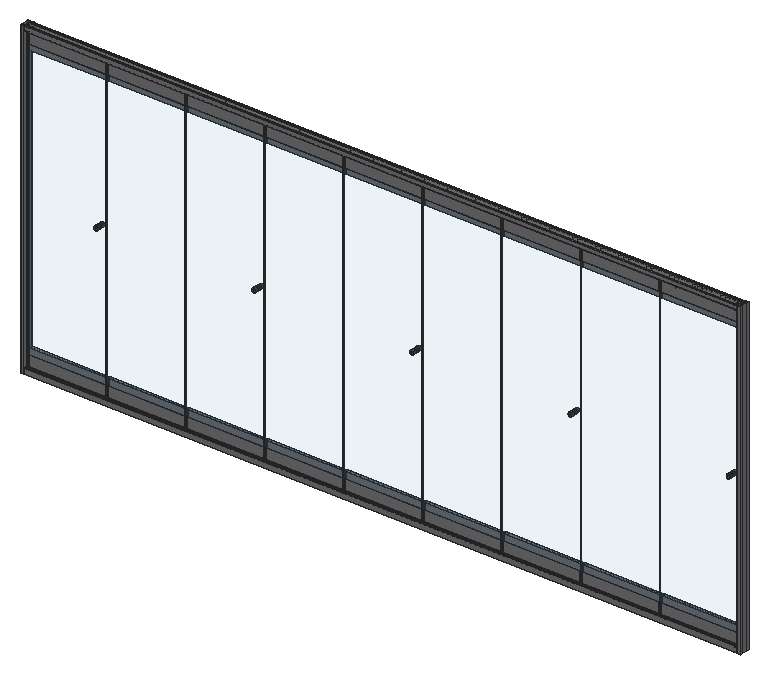
Revit family "QFL9 LH 2380", category Doors, host Wall, Revit 2024 (continued)
Automatic sketch dimensions
  Extrusion 3 sketch curve to Extrusion 3 sketch curve = 3.1 mm  (x2)
  Extrusion 3 sketch curve to Extrusion 3 sketch curve = 0.514 mm
  Extrusion 3 sketch curve to Extrusion 3 sketch curve = 6.21 mm
  Extrusion 3 sketch curve to Extrusion 3 sketch curve = 0.05 mm
  Extrusion 3 sketch curve to Extrusion 3 sketch curve = 0.554 mm
  level to Extrusion 3 sketch curve = 31 mm  (x2)
  Extrusion 3 sketch curve to Extrusion 3 sketch curve = 2 mm  (x6)
  Extrusion 3 sketch curve to Extrusion 3 sketch curve = 1.6 mm  (x4)
  Extrusion 3 sketch curve to Extrusion 3 sketch curve = 12.367 mm  (x2)
  Extrusion 3 sketch curve to Extrusion 3 sketch curve = 12.517 mm  (x2)
  Extrusion 3 sketch curve to Extrusion 3 sketch curve = 1.048 mm  (x2)
  Extrusion 3 sketch curve to Extrusion 3 sketch curve = 0.963 mm  (x2)
  Extrusion 3 sketch curve to Extrusion 3 sketch curve = 2.92 mm  (x2)
  Extrusion 3 sketch curve to Extrusion 3 sketch curve = 66.2 mm
  Extrusion 3 sketch curve to Extrusion 3 sketch curve = 33.962 mm
  Extrusion 3 sketch curve to Extrusion 3 sketch curve = 1.038 mm  (x2)
  Extrusion 3 sketch curve to Extrusion 3 sketch curve = 9.238 mm
  plane 5 to Extrusion 3 sketch curve = 174 mm
  Extrusion 3 sketch curve to Extrusion 3 sketch curve = 8.2 mm
  Extrusion 3 sketch curve to Extrusion 3 sketch curve = 43.2 mm
  plane 5 to Extrusion 3 sketch curve = 60.8 mm
  Extrusion 3 sketch curve to Extrusion 3 sketch curve = 2.985 mm
  Extrusion 4 sketch curve to host wall = 33.496 mm  (x2)
  Extrusion 4 sketch curve to Extrusion 4 sketch curve = 4.9 mm  (x3)
  Extrusion 4 sketch curve to Extrusion 4 sketch curve = 10 mm  (x4)
  host wall to Extrusion 4 sketch curve = 2.504 mm  (x2)
  host wall to Extrusion 4 sketch curve = 5.604 mm  (x2)
  Extrusion 4 sketch curve to Extrusion 4 sketch curve = 8 mm
  plane 5 to Extrusion 4 sketch curve = 39 mm
  Extrusion 4 sketch curve to Extrusion 4 sketch curve = 0 mm
  Extrusion 4 sketch curve to Extrusion 4 sketch curve = 20 mm  (x3)
  Extrusion 4 sketch curve to Extrusion 4 sketch curve = 70 mm
  Extrusion 4 sketch curve to Extrusion 4 sketch curve = 35 mm
  level to Extrusion 4 sketch curve = 166 mm
  Extrusion 4 sketch curve to Extrusion 4 sketch curve = 45 mm
  level to Extrusion 4 sketch curve = 51 mm
  Extrusion 5 sketch curve to host wall = 33.496 mm  (x2)
  Extrusion 5 sketch curve to Extrusion 5 sketch curve = 4.9 mm  (x3)
  Extrusion 5 sketch curve to Extrusion 5 sketch curve = 10 mm  (x4)
  host wall to Extrusion 5 sketch curve = 2.504 mm  (x2)
  host wall to Extrusion 5 sketch curve = 5.604 mm  (x2)
  Extrusion 5 sketch curve to Extrusion 5 sketch curve = 8 mm
  level to Extrusion 5 sketch curve = 31 mm  (x2)
  Extrusion 5 sketch curve to Extrusion 5 sketch curve = 20 mm  (x3)
  Extrusion 5 sketch curve to Extrusion 5 sketch curve = 70 mm
  Extrusion 5 sketch curve to Extrusion 5 sketch curve = 35 mm
  plane 5 to Extrusion 5 sketch curve = 174 mm
  Extrusion 5 sketch curve to Extrusion 5 sketch curve = 45 mm
  plane 5 to Extrusion 5 sketch curve = 59 mm
  Extrusion 6 sketch curve to host wall = 33.496 mm  (x2)
  Extrusion 6 sketch curve to Extrusion 6 sketch curve = 1.79 mm  (x4)
  Extrusion 6 sketch curve to Extrusion 6 sketch curve = 0 mm
  Extrusion 6 sketch curve to Extrusion 6 sketch curve = 0.01 mm
  Extrusion 6 sketch curve to Extrusion 6 sketch curve = 1.8 mm  (x6)
  Extrusion 6 sketch curve to Extrusion 6 sketch curve = 0.51 mm  (x2)
  Extrusion 6 sketch curve to Extrusion 6 sketch curve = 3.11 mm  (x2)
  Extrusion 6 sketch curve to Extrusion 6 sketch curve = 8.21 mm  (x2)
  Extrusion 6 sketch curve to Extrusion 6 sketch curve = 1.028 mm  (x2)
  host wall to Extrusion 6 sketch curve = 0.504 mm  (x2)
  host wall to Extrusion 6 sketch curve = 2.504 mm  (x2)
  host wall to Extrusion 6 sketch curve = 5.604 mm  (x2)
  host wall to Extrusion 6 sketch curve = 8.2 mm  (x2)
  Extrusion 6 sketch curve to Extrusion 6 sketch curve = 3.1 mm  (x2)
  Extrusion 6 sketch curve to Extrusion 6 sketch curve = 0.514 mm
  Extrusion 6 sketch curve to Extrusion 6 sketch curve = 6.21 mm
  Extrusion 6 sketch curve to Extrusion 6 sketch curve = 0.05 mm
  Extrusion 6 sketch curve to Extrusion 6 sketch curve = 0.554 mm
  level to Extrusion 6 sketch curve = 31 mm  (x2)
  Extrusion 6 sketch curve to Extrusion 6 sketch curve = 2 mm  (x6)
  Extrusion 6 sketch curve to Extrusion 6 sketch curve = 1.6 mm  (x4)
  Extrusion 6 sketch curve to Extrusion 6 sketch curve = 12.367 mm  (x2)
  Extrusion 6 sketch curve to Extrusion 6 sketch curve = 12.517 mm  (x2)
  Extrusion 6 sketch curve to Extrusion 6 sketch curve = 1.048 mm  (x2)
  Extrusion 6 sketch curve to Extrusion 6 sketch curve = 0.963 mm  (x2)
  Extrusion 6 sketch curve to Extrusion 6 sketch curve = 2.92 mm  (x2)
  Extrusion 6 sketch curve to Extrusion 6 sketch curve = 66.2 mm
  Extrusion 6 sketch curve to Extrusion 6 sketch curve = 33.962 mm
  Extrusion 6 sketch curve to Extrusion 6 sketch curve = 1.038 mm  (x2)
  Extrusion 6 sketch curve to Extrusion 6 sketch curve = 9.238 mm
  plane 5 to Extrusion 6 sketch curve = 174 mm
  Extrusion 6 sketch curve to Extrusion 6 sketch curve = 8.2 mm
  Extrusion 6 sketch curve to Extrusion 6 sketch curve = 43.2 mm
  plane 5 to Extrusion 6 sketch curve = 60.8 mm
  Extrusion 6 sketch curve to Extrusion 6 sketch curve = 2.985 mm
  Extrusion 7 sketch curve to host wall = 33.496 mm  (x2)
  Extrusion 7 sketch curve to Extrusion 7 sketch curve = 4.9 mm  (x3)
  Extrusion 7 sketch curve to Extrusion 7 sketch curve = 10 mm  (x4)
  host wall to Extrusion 7 sketch curve = 2.504 mm  (x2)
  host wall to Extrusion 7 sketch curve = 5.604 mm  (x2)
  Extrusion 7 sketch curve to Extrusion 7 sketch curve = 8 mm
  plane 5 to Extrusion 7 sketch curve = 39 mm
  Extrusion 7 sketch curve to Extrusion 7 sketch curve = 0 mm
  Extrusion 7 sketch curve to Extrusion 7 sketch curve = 20 mm  (x3)
  Extrusion 7 sketch curve to Extrusion 7 sketch curve = 70 mm
  Extrusion 7 sketch curve to Extrusion 7 sketch curve = 35 mm
  level to Extrusion 7 sketch curve = 166 mm
  Extrusion 7 sketch curve to Extrusion 7 sketch curve = 45 mm
  level to Extrusion 7 sketch curve = 51 mm
  Extrusion 8 sketch curve to host wall = 33.496 mm  (x2)
  Extrusion 8 sketch curve to Extrusion 8 sketch curve = 4.9 mm  (x3)
  Extrusion 8 sketch curve to Extrusion 8 sketch curve = 10 mm  (x4)
  host wall to Extrusion 8 sketch curve = 2.504 mm  (x2)
  host wall to Extrusion 8 sketch curve = 5.604 mm  (x2)
  Extrusion 8 sketch curve to Extrusion 8 sketch curve = 8 mm
  level to Extrusion 8 sketch curve = 31 mm  (x2)
  Extrusion 8 sketch curve to Extrusion 8 sketch curve = 20 mm  (x3)
  Extrusion 8 sketch curve to Extrusion 8 sketch curve = 70 mm
  Extrusion 8 sketch curve to Extrusion 8 sketch curve = 35 mm
  plane 5 to Extrusion 8 sketch curve = 174 mm
  Extrusion 8 sketch curve to Extrusion 8 sketch curve = 45 mm
  plane 5 to Extrusion 8 sketch curve = 59 mm
  Extrusion 9 sketch curve to host wall = 33.496 mm  (x2)
  Extrusion 9 sketch curve to Extrusion 9 sketch curve = 1.79 mm  (x4)
  Extrusion 9 sketch curve to Extrusion 9 sketch curve = 0 mm
  Extrusion 9 sketch curve to Extrusion 9 sketch curve = 0.01 mm
  Extrusion 9 sketch curve to Extrusion 9 sketch curve = 1.8 mm  (x6)
  Extrusion 9 sketch curve to Extrusion 9 sketch curve = 0.51 mm  (x2)
  Extrusion 9 sketch curve to Extrusion 9 sketch curve = 3.11 mm  (x2)
  Extrusion 9 sketch curve to Extrusion 9 sketch curve = 8.21 mm  (x2)
  Extrusion 9 sketch curve to Extrusion 9 sketch curve = 1.028 mm  (x2)
  host wall to Extrusion 9 sketch curve = 0.504 mm  (x2)
  host wall to Extrusion 9 sketch curve = 2.504 mm  (x2)
  host wall to Extrusion 9 sketch curve = 5.604 mm  (x2)
  host wall to Extrusion 9 sketch curve = 8.2 mm  (x2)
  Extrusion 9 sketch curve to Extrusion 9 sketch curve = 3.1 mm  (x2)
  Extrusion 9 sketch curve to Extrusion 9 sketch curve = 0.514 mm
  Extrusion 9 sketch curve to Extrusion 9 sketch curve = 6.21 mm
  Extrusion 9 sketch curve to Extrusion 9 sketch curve = 0.05 mm
  Extrusion 9 sketch curve to Extrusion 9 sketch curve = 0.554 mm
  level to Extrusion 9 sketch curve = 31 mm  (x2)
  Extrusion 9 sketch curve to Extrusion 9 sketch curve = 2 mm  (x6)
  Extrusion 9 sketch curve to Extrusion 9 sketch curve = 1.6 mm  (x4)
  Extrusion 9 sketch curve to Extrusion 9 sketch curve = 12.367 mm  (x2)
  Extrusion 9 sketch curve to Extrusion 9 sketch curve = 12.517 mm  (x2)
  Extrusion 9 sketch curve to Extrusion 9 sketch curve = 1.048 mm  (x2)
  Extrusion 9 sketch curve to Extrusion 9 sketch curve = 0.963 mm  (x2)
  Extrusion 9 sketch curve to Extrusion 9 sketch curve = 2.92 mm  (x2)
  Extrusion 9 sketch curve to Extrusion 9 sketch curve = 66.2 mm
  Extrusion 9 sketch curve to Extrusion 9 sketch curve = 33.962 mm
  Extrusion 9 sketch curve to Extrusion 9 sketch curve = 1.038 mm  (x2)
  Extrusion 9 sketch curve to Extrusion 9 sketch curve = 9.238 mm
  plane 5 to Extrusion 9 sketch curve = 174 mm
  Extrusion 9 sketch curve to Extrusion 9 sketch curve = 8.2 mm
  Extrusion 9 sketch curve to Extrusion 9 sketch curve = 43.2 mm
  plane 5 to Extrusion 9 sketch curve = 60.8 mm
  Extrusion 9 sketch curve to Extrusion 9 sketch curve = 2.985 mm
  Extrusion 10 sketch curve to host wall = 33.496 mm  (x2)
  Extrusion 10 sketch curve to Extrusion 10 sketch curve = 4.9 mm  (x3)
  Extrusion 10 sketch curve to Extrusion 10 sketch curve = 10 mm  (x4)
  host wall to Extrusion 10 sketch curve = 2.504 mm  (x2)
  host wall to Extrusion 10 sketch curve = 5.604 mm  (x2)
  Extrusion 10 sketch curve to Extrusion 10 sketch curve = 8 mm
  plane 5 to Extrusion 10 sketch curve = 39 mm
  Extrusion 10 sketch curve to Extrusion 10 sketch curve = 0 mm
  Extrusion 10 sketch curve to Extrusion 10 sketch curve = 20 mm  (x3)
  Extrusion 10 sketch curve to Extrusion 10 sketch curve = 70 mm
  Extrusion 10 sketch curve to Extrusion 10 sketch curve = 35 mm
  level to Extrusion 10 sketch curve = 166 mm
  Extrusion 10 sketch curve to Extrusion 10 sketch curve = 45 mm
  level to Extrusion 10 sketch curve = 51 mm
  Extrusion 11 sketch curve to host wall = 33.496 mm  (x2)
  Extrusion 11 sketch curve to Extrusion 11 sketch curve = 4.9 mm  (x3)
  Extrusion 11 sketch curve to Extrusion 11 sketch curve = 10 mm  (x4)
  host wall to Extrusion 11 sketch curve = 2.504 mm  (x2)
  host wall to Extrusion 11 sketch curve = 5.604 mm  (x2)
  Extrusion 11 sketch curve to Extrusion 11 sketch curve = 8 mm
  level to Extrusion 11 sketch curve = 31 mm  (x2)
  Extrusion 11 sketch curve to Extrusion 11 sketch curve = 20 mm  (x3)
  Extrusion 11 sketch curve to Extrusion 11 sketch curve = 70 mm
  Extrusion 11 sketch curve to Extrusion 11 sketch curve = 35 mm
  plane 5 to Extrusion 11 sketch curve = 174 mm
  Extrusion 11 sketch curve to Extrusion 11 sketch curve = 45 mm
  plane 5 to Extrusion 11 sketch curve = 59 mm
  Extrusion 12 sketch curve to host wall = 33.496 mm  (x2)
  Extrusion 12 sketch curve to Extrusion 12 sketch curve = 1.79 mm  (x4)
  Extrusion 12 sketch curve to Extrusion 12 sketch curve = 0 mm
  Extrusion 12 sketch curve to Extrusion 12 sketch curve = 0.01 mm
  Extrusion 12 sketch curve to Extrusion 12 sketch curve = 1.8 mm  (x6)
  Extrusion 12 sketch curve to Extrusion 12 sketch curve = 0.51 mm  (x2)
  Extrusion 12 sketch curve to Extrusion 12 sketch curve = 3.11 mm  (x2)
  Extrusion 12 sketch curve to Extrusion 12 sketch curve = 8.21 mm  (x2)
  Extrusion 12 sketch curve to Extrusion 12 sketch curve = 1.028 mm  (x2)
  host wall to Extrusion 12 sketch curve = 0.504 mm  (x2)
  host wall to Extrusion 12 sketch curve = 2.504 mm  (x2)
  host wall to Extrusion 12 sketch curve = 5.604 mm  (x2)
  host wall to Extrusion 12 sketch curve = 8.2 mm  (x2)
  Extrusion 12 sketch curve to Extrusion 12 sketch curve = 3.1 mm  (x2)
  Extrusion 12 sketch curve to Extrusion 12 sketch curve = 0.514 mm
  Extrusion 12 sketch curve to Extrusion 12 sketch curve = 6.21 mm
  Extrusion 12 sketch curve to Extrusion 12 sketch curve = 0.05 mm
  Extrusion 12 sketch curve to Extrusion 12 sketch curve = 0.554 mm
  level to Extrusion 12 sketch curve = 31 mm  (x2)
  Extrusion 12 sketch curve to Extrusion 12 sketch curve = 2 mm  (x6)
  Extrusion 12 sketch curve to Extrusion 12 sketch curve = 1.6 mm  (x4)
  Extrusion 12 sketch curve to Extrusion 12 sketch curve = 12.367 mm  (x2)
  Extrusion 12 sketch curve to Extrusion 12 sketch curve = 12.517 mm  (x2)
  Extrusion 12 sketch curve to Extrusion 12 sketch curve = 1.048 mm  (x2)
  Extrusion 12 sketch curve to Extrusion 12 sketch curve = 0.963 mm  (x2)
  Extrusion 12 sketch curve to Extrusion 12 sketch curve = 2.92 mm  (x2)
  Extrusion 12 sketch curve to Extrusion 12 sketch curve = 66.2 mm
  Extrusion 12 sketch curve to Extrusion 12 sketch curve = 33.962 mm
  Extrusion 12 sketch curve to Extrusion 12 sketch curve = 1.038 mm  (x2)
  Extrusion 12 sketch curve to Extrusion 12 sketch curve = 9.238 mm
  plane 5 to Extrusion 12 sketch curve = 174 mm
  Extrusion 12 sketch curve to Extrusion 12 sketch curve = 8.2 mm
  Extrusion 12 sketch curve to Extrusion 12 sketch curve = 43.2 mm
  plane 5 to Extrusion 12 sketch curve = 60.8 mm
  Extrusion 12 sketch curve to Extrusion 12 sketch curve = 2.985 mm
  Extrusion 13 sketch curve to host wall = 33.496 mm  (x2)
  Extrusion 13 sketch curve to Extrusion 13 sketch curve = 4.9 mm  (x3)
  Extrusion 13 sketch curve to Extrusion 13 sketch curve = 10 mm  (x4)
  host wall to Extrusion 13 sketch curve = 2.504 mm  (x2)
  host wall to Extrusion 13 sketch curve = 5.604 mm  (x2)
  Extrusion 13 sketch curve to Extrusion 13 sketch curve = 8 mm
  plane 5 to Extrusion 13 sketch curve = 39 mm
  Extrusion 13 sketch curve to Extrusion 13 sketch curve = 0 mm
  Extrusion 13 sketch curve to Extrusion 13 sketch curve = 20 mm  (x3)
  Extrusion 13 sketch curve to Extrusion 13 sketch curve = 70 mm
  Extrusion 13 sketch curve to Extrusion 13 sketch curve = 35 mm
  level to Extrusion 13 sketch curve = 166 mm
  Extrusion 13 sketch curve to Extrusion 13 sketch curve = 45 mm
  level to Extrusion 13 sketch curve = 51 mm
  Extrusion 14 sketch curve to host wall = 33.496 mm  (x2)
  Extrusion 14 sketch curve to Extrusion 14 sketch curve = 4.9 mm  (x3)
  Extrusion 14 sketch curve to Extrusion 14 sketch curve = 10 mm  (x4)
  host wall to Extrusion 14 sketch curve = 2.504 mm  (x2)
  host wall to Extrusion 14 sketch curve = 5.604 mm  (x2)
  Extrusion 14 sketch curve to Extrusion 14 sketch curve = 8 mm
  level to Extrusion 14 sketch curve = 31 mm  (x2)
  Extrusion 14 sketch curve to Extrusion 14 sketch curve = 20 mm  (x3)
  Extrusion 14 sketch curve to Extrusion 14 sketch curve = 70 mm
  Extrusion 14 sketch curve to Extrusion 14 sketch curve = 35 mm
  plane 5 to Extrusion 14 sketch curve = 174 mm
  Extrusion 14 sketch curve to Extrusion 14 sketch curve = 45 mm
  plane 5 to Extrusion 14 sketch curve = 59 mm
  Extrusion 15 sketch curve to host wall = 33.496 mm  (x2)
  Extrusion 15 sketch curve to Extrusion 15 sketch curve = 1.79 mm  (x4)
  Extrusion 15 sketch curve to Extrusion 15 sketch curve = 0 mm
  Extrusion 15 sketch curve to Extrusion 15 sketch curve = 0.01 mm
  Extrusion 15 sketch curve to Extrusion 15 sketch curve = 1.8 mm  (x6)
  Extrusion 15 sketch curve to Extrusion 15 sketch curve = 0.51 mm  (x2)
  Extrusion 15 sketch curve to Extrusion 15 sketch curve = 3.11 mm  (x2)
  Extrusion 15 sketch curve to Extrusion 15 sketch curve = 8.21 mm  (x2)
  Extrusion 15 sketch curve to Extrusion 15 sketch curve = 1.028 mm  (x2)
  host wall to Extrusion 15 sketch curve = 0.504 mm  (x2)
  host wall to Extrusion 15 sketch curve = 2.504 mm  (x2)
  host wall to Extrusion 15 sketch curve = 5.604 mm  (x2)
  host wall to Extrusion 15 sketch curve = 8.2 mm  (x2)
  Extrusion 15 sketch curve to Extrusion 15 sketch curve = 3.1 mm  (x2)
  Extrusion 15 sketch curve to Extrusion 15 sketch curve = 0.514 mm
  Extrusion 15 sketch curve to Extrusion 15 sketch curve = 6.21 mm
  Extrusion 15 sketch curve to Extrusion 15 sketch curve = 0.05 mm
  Extrusion 15 sketch curve to Extrusion 15 sketch curve = 0.554 mm
  level to Extrusion 15 sketch curve = 31 mm  (x2)
  Extrusion 15 sketch curve to Extrusion 15 sketch curve = 2 mm  (x6)
  Extrusion 15 sketch curve to Extrusion 15 sketch curve = 1.6 mm  (x4)
  Extrusion 15 sketch curve to Extrusion 15 sketch curve = 12.367 mm  (x2)
  Extrusion 15 sketch curve to Extrusion 15 sketch curve = 12.517 mm  (x2)
  Extrusion 15 sketch curve to Extrusion 15 sketch curve = 1.048 mm  (x2)
  Extrusion 15 sketch curve to Extrusion 15 sketch curve = 0.963 mm  (x2)
  Extrusion 15 sketch curve to Extrusion 15 sketch curve = 2.92 mm  (x2)
  Extrusion 15 sketch curve to Extrusion 15 sketch curve = 66.2 mm
  Extrusion 15 sketch curve to Extrusion 15 sketch curve = 33.962 mm
  Extrusion 15 sketch curve to Extrusion 15 sketch curve = 1.038 mm  (x2)
  Extrusion 15 sketch curve to Extrusion 15 sketch curve = 9.238 mm
  plane 5 to Extrusion 15 sketch curve = 174 mm
  Extrusion 15 sketch curve to Extrusion 15 sketch curve = 8.2 mm
  Extrusion 15 sketch curve to Extrusion 15 sketch curve = 43.2 mm
  plane 5 to Extrusion 15 sketch curve = 60.8 mm
  Extrusion 15 sketch curve to Extrusion 15 sketch curve = 2.985 mm
  Extrusion 16 sketch curve to host wall = 33.496 mm  (x2)
  Extrusion 16 sketch curve to Extrusion 16 sketch curve = 4.9 mm  (x3)
  Extrusion 16 sketch curve to Extrusion 16 sketch curve = 10 mm  (x4)
  host wall to Extrusion 16 sketch curve = 2.504 mm  (x2)
  host wall to Extrusion 16 sketch curve = 5.604 mm  (x2)
  Extrusion 16 sketch curve to Extrusion 16 sketch curve = 8 mm
  plane 5 to Extrusion 16 sketch curve = 39 mm
  Extrusion 16 sketch curve to Extrusion 16 sketch curve = 0 mm
  Extrusion 16 sketch curve to Extrusion 16 sketch curve = 20 mm  (x3)
  Extrusion 16 sketch curve to Extrusion 16 sketch curve = 70 mm
  Extrusion 16 sketch curve to Extrusion 16 sketch curve = 35 mm
  level to Extrusion 16 sketch curve = 166 mm
  Extrusion 16 sketch curve to Extrusion 16 sketch curve = 45 mm
  level to Extrusion 16 sketch curve = 51 mm
  Extrusion 17 sketch curve to host wall = 33.496 mm  (x2)
  Extrusion 17 sketch curve to Extrusion 17 sketch curve = 4.9 mm  (x3)
  Extrusion 17 sketch curve to Extrusion 17 sketch curve = 10 mm  (x4)
  host wall to Extrusion 17 sketch curve = 2.504 mm  (x2)
  host wall to Extrusion 17 sketch curve = 5.604 mm  (x2)
  Extrusion 17 sketch curve to Extrusion 17 sketch curve = 8 mm
  level to Extrusion 17 sketch curve = 31 mm  (x2)
  Extrusion 17 sketch curve to Extrusion 17 sketch curve = 20 mm  (x3)
  Extrusion 17 sketch curve to Extrusion 17 sketch curve = 70 mm
  Extrusion 17 sketch curve to Extrusion 17 sketch curve = 35 mm
  plane 5 to Extrusion 17 sketch curve = 174 mm
  Extrusion 17 sketch curve to Extrusion 17 sketch curve = 45 mm
  plane 5 to Extrusion 17 sketch curve = 59 mm
  Extrusion 18 sketch curve to host wall = 33.496 mm  (x2)
  Extrusion 18 sketch curve to Extrusion 18 sketch curve = 1.79 mm  (x4)
  Extrusion 18 sketch curve to Extrusion 18 sketch curve = 0 mm
  Extrusion 18 sketch curve to Extrusion 18 sketch curve = 0.01 mm
  Extrusion 18 sketch curve to Extrusion 18 sketch curve = 1.8 mm  (x6)
  Extrusion 18 sketch curve to Extrusion 18 sketch curve = 0.51 mm  (x2)
  Extrusion 18 sketch curve to Extrusion 18 sketch curve = 3.11 mm  (x2)
  Extrusion 18 sketch curve to Extrusion 18 sketch curve = 8.21 mm  (x2)
  Extrusion 18 sketch curve to Extrusion 18 sketch curve = 1.028 mm  (x2)
  host wall to Extrusion 18 sketch curve = 0.504 mm  (x2)
  host wall to Extrusion 18 sketch curve = 2.504 mm  (x2)
  host wall to Extrusion 18 sketch curve = 5.604 mm  (x2)
  host wall to Extrusion 18 sketch curve = 8.2 mm  (x2)
  Extrusion 18 sketch curve to Extrusion 18 sketch curve = 3.1 mm  (x2)
  Extrusion 18 sketch curve to Extrusion 18 sketch curve = 0.514 mm
  Extrusion 18 sketch curve to Extrusion 18 sketch curve = 6.21 mm
  Extrusion 18 sketch curve to Extrusion 18 sketch curve = 0.05 mm
  Extrusion 18 sketch curve to Extrusion 18 sketch curve = 0.554 mm
  level to Extrusion 18 sketch curve = 31 mm  (x2)
  Extrusion 18 sketch curve to Extrusion 18 sketch curve = 2 mm  (x6)
  Extrusion 18 sketch curve to Extrusion 18 sketch curve = 1.6 mm  (x4)
  Extrusion 18 sketch curve to Extrusion 18 sketch curve = 12.367 mm  (x2)
  Extrusion 18 sketch curve to Extrusion 18 sketch curve = 12.517 mm  (x2)
  Extrusion 18 sketch curve to Extrusion 18 sketch curve = 1.048 mm  (x2)
  Extrusion 18 sketch curve to Extrusion 18 sketch curve = 0.963 mm  (x2)
  Extrusion 18 sketch curve to Extrusion 18 sketch curve = 2.92 mm  (x2)
  Extrusion 18 sketch curve to Extrusion 18 sketch curve = 66.2 mm
  Extrusion 18 sketch curve to Extrusion 18 sketch curve = 33.962 mm
  Extrusion 18 sketch curve to Extrusion 18 sketch curve = 1.038 mm  (x2)
  Extrusion 18 sketch curve to Extrusion 18 sketch curve = 9.238 mm
  plane 5 to Extrusion 18 sketch curve = 174 mm
  Extrusion 18 sketch curve to Extrusion 18 sketch curve = 8.2 mm
  Extrusion 18 sketch curve to Extrusion 18 sketch curve = 43.2 mm
  plane 5 to Extrusion 18 sketch curve = 60.8 mm
  Extrusion 18 sketch curve to Extrusion 18 sketch curve = 2.985 mm
  Extrusion 19 sketch curve to host wall = 33.496 mm  (x2)
  Extrusion 19 sketch curve to Extrusion 19 sketch curve = 4.9 mm  (x3)
  Extrusion 19 sketch curve to Extrusion 19 sketch curve = 10 mm  (x4)
  host wall to Extrusion 19 sketch curve = 2.504 mm  (x2)
  host wall to Extrusion 19 sketch curve = 5.604 mm  (x2)
  Extrusion 19 sketch curve to Extrusion 19 sketch curve = 8 mm
  plane 5 to Extrusion 19 sketch curve = 39 mm
  Extrusion 19 sketch curve to Extrusion 19 sketch curve = 0 mm
  Extrusion 19 sketch curve to Extrusion 19 sketch curve = 20 mm  (x3)
  Extrusion 19 sketch curve to Extrusion 19 sketch curve = 70 mm
  Extrusion 19 sketch curve to Extrusion 19 sketch curve = 35 mm
  level to Extrusion 19 sketch curve = 166 mm
  Extrusion 19 sketch curve to Extrusion 19 sketch curve = 45 mm
  level to Extrusion 19 sketch curve = 51 mm
  Extrusion 20 sketch curve to host wall = 33.496 mm  (x2)
  Extrusion 20 sketch curve to Extrusion 20 sketch curve = 4.9 mm  (x3)
  Extrusion 20 sketch curve to Extrusion 20 sketch curve = 10 mm  (x4)
  host wall to Extrusion 20 sketch curve = 2.504 mm  (x2)
  host wall to Extrusion 20 sketch curve = 5.604 mm  (x2)
  Extrusion 20 sketch curve to Extrusion 20 sketch curve = 8 mm
  level to Extrusion 20 sketch curve = 31 mm  (x2)
  Extrusion 20 sketch curve to Extrusion 20 sketch curve = 20 mm  (x3)
  Extrusion 20 sketch curve to Extrusion 20 sketch curve = 70 mm
  Extrusion 20 sketch curve to Extrusion 20 sketch curve = 35 mm
  plane 5 to Extrusion 20 sketch curve = 174 mm
  Extrusion 20 sketch curve to Extrusion 20 sketch curve = 45 mm
  plane 5 to Extrusion 20 sketch curve = 59 mm
  Extrusion 21 sketch curve to host wall = 33.496 mm  (x2)
  Extrusion 21 sketch curve to Extrusion 21 sketch curve = 1.79 mm  (x4)
  Extrusion 21 sketch curve to Extrusion 21 sketch curve = 0 mm
  Extrusion 21 sketch curve to Extrusion 21 sketch curve = 0.01 mm
  Extrusion 21 sketch curve to Extrusion 21 sketch curve = 1.8 mm  (x6)
  Extrusion 21 sketch curve to Extrusion 21 sketch curve = 0.51 mm  (x2)
  Extrusion 21 sketch curve to Extrusion 21 sketch curve = 3.11 mm  (x2)
  Extrusion 21 sketch curve to Extrusion 21 sketch curve = 8.21 mm  (x2)
  Extrusion 21 sketch curve to Extrusion 21 sketch curve = 1.028 mm  (x2)
  host wall to Extrusion 21 sketch curve = 0.504 mm  (x2)
  host wall to Extrusion 21 sketch curve = 2.504 mm  (x2)
  host wall to Extrusion 21 sketch curve = 5.604 mm  (x2)
  host wall to Extrusion 21 sketch curve = 8.2 mm  (x2)
  Extrusion 21 sketch curve to Extrusion 21 sketch curve = 3.1 mm  (x2)
  Extrusion 21 sketch curve to Extrusion 21 sketch curve = 0.514 mm
  Extrusion 21 sketch curve to Extrusion 21 sketch curve = 6.21 mm
  Extrusion 21 sketch curve to Extrusion 21 sketch curve = 0.05 mm
  Extrusion 21 sketch curve to Extrusion 21 sketch curve = 0.554 mm
  level to Extrusion 21 sketch curve = 31 mm  (x2)
  Extrusion 21 sketch curve to Extrusion 21 sketch curve = 2 mm  (x6)
  Extrusion 21 sketch curve to Extrusion 21 sketch curve = 1.6 mm  (x4)
  Extrusion 21 sketch curve to Extrusion 21 sketch curve = 12.367 mm  (x2)
  Extrusion 21 sketch curve to Extrusion 21 sketch curve = 12.517 mm  (x2)
  Extrusion 21 sketch curve to Extrusion 21 sketch curve = 1.048 mm  (x2)
  Extrusion 21 sketch curve to Extrusion 21 sketch curve = 0.963 mm  (x2)
  Extrusion 21 sketch curve to Extrusion 21 sketch curve = 2.92 mm  (x2)
  Extrusion 21 sketch curve to Extrusion 21 sketch curve = 66.2 mm
  Extrusion 21 sketch curve to Extrusion 21 sketch curve = 33.962 mm
  Extrusion 21 sketch curve to Extrusion 21 sketch curve = 1.038 mm  (x2)
  Extrusion 21 sketch curve to Extrusion 21 sketch curve = 9.238 mm
  plane 5 to Extrusion 21 sketch curve = 174 mm
  Extrusion 21 sketch curve to Extrusion 21 sketch curve = 8.2 mm
  Extrusion 21 sketch curve to Extrusion 21 sketch curve = 43.2 mm
  plane 5 to Extrusion 21 sketch curve = 60.8 mm
  Extrusion 21 sketch curve to Extrusion 21 sketch curve = 2.985 mm
  Extrusion 22 sketch curve to host wall = 33.496 mm  (x2)
  Extrusion 22 sketch curve to Extrusion 22 sketch curve = 4.9 mm  (x3)
  Extrusion 22 sketch curve to Extrusion 22 sketch curve = 10 mm  (x4)
  host wall to Extrusion 22 sketch curve = 2.504 mm  (x2)
  host wall to Extrusion 22 sketch curve = 5.604 mm  (x2)
  Extrusion 22 sketch curve to Extrusion 22 sketch curve = 8 mm
  plane 5 to Extrusion 22 sketch curve = 39 mm
  Extrusion 22 sketch curve to Extrusion 22 sketch curve = 0 mm
  Extrusion 22 sketch curve to Extrusion 22 sketch curve = 20 mm  (x3)
  Extrusion 22 sketch curve to Extrusion 22 sketch curve = 70 mm
  Extrusion 22 sketch curve to Extrusion 22 sketch curve = 35 mm
  level to Extrusion 22 sketch curve = 166 mm
  Extrusion 22 sketch curve to Extrusion 22 sketch curve = 45 mm
  level to Extrusion 22 sketch curve = 51 mm
  Extrusion 23 sketch curve to host wall = 33.496 mm  (x2)
  Extrusion 23 sketch curve to Extrusion 23 sketch curve = 4.9 mm  (x3)
  Extrusion 23 sketch curve to Extrusion 23 sketch curve = 10 mm  (x4)
  host wall to Extrusion 23 sketch curve = 2.504 mm  (x2)
  host wall to Extrusion 23 sketch curve = 5.604 mm  (x2)
  Extrusion 23 sketch curve to Extrusion 23 sketch curve = 8 mm
  level to Extrusion 23 sketch curve = 31 mm  (x2)
  Extrusion 23 sketch curve to Extrusion 23 sketch curve = 20 mm  (x3)
  Extrusion 23 sketch curve to Extrusion 23 sketch curve = 70 mm
  Extrusion 23 sketch curve to Extrusion 23 sketch curve = 35 mm
  plane 5 to Extrusion 23 sketch curve = 174 mm
  Extrusion 23 sketch curve to Extrusion 23 sketch curve = 45 mm
  plane 5 to Extrusion 23 sketch curve = 59 mm
  Extrusion 24 sketch curve to host wall = 33.496 mm  (x2)
  Extrusion 24 sketch curve to Extrusion 24 sketch curve = 1.79 mm  (x4)
  Extrusion 24 sketch curve to Extrusion 24 sketch curve = 0 mm
  Extrusion 24 sketch curve to Extrusion 24 sketch curve = 0.01 mm
  Extrusion 24 sketch curve to Extrusion 24 sketch curve = 1.8 mm  (x6)
  Extrusion 24 sketch curve to Extrusion 24 sketch curve = 0.51 mm  (x2)
  Extrusion 24 sketch curve to Extrusion 24 sketch curve = 3.11 mm  (x2)
  Extrusion 24 sketch curve to Extrusion 24 sketch curve = 8.21 mm  (x2)
  Extrusion 24 sketch curve to Extrusion 24 sketch curve = 1.028 mm  (x2)
  host wall to Extrusion 24 sketch curve = 0.504 mm  (x2)
  host wall to Extrusion 24 sketch curve = 2.504 mm  (x2)
  host wall to Extrusion 24 sketch curve = 5.604 mm  (x2)
  host wall to Extrusion 24 sketch curve = 8.2 mm  (x2)
  Extrusion 24 sketch curve to Extrusion 24 sketch curve = 3.1 mm  (x2)
  Extrusion 24 sketch curve to Extrusion 24 sketch curve = 0.514 mm
  Extrusion 24 sketch curve to Extrusion 24 sketch curve = 6.21 mm
  Extrusion 24 sketch curve to Extrusion 24 sketch curve = 0.05 mm
  Extrusion 24 sketch curve to Extrusion 24 sketch curve = 0.554 mm
  level to Extrusion 24 sketch curve = 31 mm  (x2)
  Extrusion 24 sketch curve to Extrusion 24 sketch curve = 2 mm  (x6)
  Extrusion 24 sketch curve to Extrusion 24 sketch curve = 1.6 mm  (x4)
  Extrusion 24 sketch curve to Extrusion 24 sketch curve = 12.367 mm  (x2)
  Extrusion 24 sketch curve to Extrusion 24 sketch curve = 12.517 mm  (x2)
  Extrusion 24 sketch curve to Extrusion 24 sketch curve = 1.048 mm  (x2)
  Extrusion 24 sketch curve to Extrusion 24 sketch curve = 0.963 mm  (x2)
  Extrusion 24 sketch curve to Extrusion 24 sketch curve = 2.92 mm  (x2)
  Extrusion 24 sketch curve to Extrusion 24 sketch curve = 66.2 mm
  Extrusion 24 sketch curve to Extrusion 24 sketch curve = 33.962 mm
  Extrusion 24 sketch curve to Extrusion 24 sketch curve = 1.038 mm  (x2)
  Extrusion 24 sketch curve to Extrusion 24 sketch curve = 9.238 mm
  plane 5 to Extrusion 24 sketch curve = 174 mm
  Extrusion 24 sketch curve to Extrusion 24 sketch curve = 8.2 mm
  Extrusion 24 sketch curve to Extrusion 24 sketch curve = 43.2 mm
  plane 5 to Extrusion 24 sketch curve = 60.8 mm
  Extrusion 24 sketch curve to Extrusion 24 sketch curve = 2.985 mm
  Extrusion 25 sketch curve to host wall = 33.496 mm  (x2)
  Extrusion 25 sketch curve to Extrusion 25 sketch curve = 4.9 mm  (x3)
  Extrusion 25 sketch curve to Extrusion 25 sketch curve = 10 mm  (x4)
  host wall to Extrusion 25 sketch curve = 2.504 mm  (x2)
  host wall to Extrusion 25 sketch curve = 5.604 mm  (x2)
  Extrusion 25 sketch curve to Extrusion 25 sketch curve = 8 mm
  plane 5 to Extrusion 25 sketch curve = 39 mm
  Extrusion 25 sketch curve to Extrusion 25 sketch curve = 0 mm
  Extrusion 25 sketch curve to Extrusion 25 sketch curve = 20 mm  (x3)
  Extrusion 25 sketch curve to Extrusion 25 sketch curve = 70 mm
  Extrusion 25 sketch curve to Extrusion 25 sketch curve = 35 mm
  level to Extrusion 25 sketch curve = 166 mm
  Extrusion 25 sketch curve to Extrusion 25 sketch curve = 45 mm
  level to Extrusion 25 sketch curve = 51 mm
  Extrusion 26 sketch curve to host wall = 33.496 mm  (x2)
  Extrusion 26 sketch curve to Extrusion 26 sketch curve = 4.9 mm  (x3)
  Extrusion 26 sketch curve to Extrusion 26 sketch curve = 10 mm  (x4)
  host wall to Extrusion 26 sketch curve = 2.504 mm  (x2)
  host wall to Extrusion 26 sketch curve = 5.604 mm  (x2)
  Extrusion 26 sketch curve to Extrusion 26 sketch curve = 8 mm
  level to Extrusion 26 sketch curve = 31 mm  (x2)
  Extrusion 26 sketch curve to Extrusion 26 sketch curve = 20 mm  (x3)
  Extrusion 26 sketch curve to Extrusion 26 sketch curve = 70 mm
  Extrusion 26 sketch curve to Extrusion 26 sketch curve = 35 mm
  plane 5 to Extrusion 26 sketch curve = 174 mm
  Extrusion 26 sketch curve to Extrusion 26 sketch curve = 45 mm
  plane 5 to Extrusion 26 sketch curve = 59 mm
  Extrusion 27 sketch curve to host wall = 33.496 mm  (x2)
  Extrusion 27 sketch curve to Extrusion 27 sketch curve = 1.79 mm  (x4)
  Extrusion 27 sketch curve to Extrusion 27 sketch curve = 0 mm
  Extrusion 27 sketch curve to Extrusion 27 sketch curve = 0.01 mm
  Extrusion 27 sketch curve to Extrusion 27 sketch curve = 1.8 mm  (x6)
  Extrusion 27 sketch curve to Extrusion 27 sketch curve = 0.51 mm  (x2)
  Extrusion 27 sketch curve to Extrusion 27 sketch curve = 3.11 mm  (x2)
  Extrusion 27 sketch curve to Extrusion 27 sketch curve = 8.21 mm  (x2)
  Extrusion 27 sketch curve to Extrusion 27 sketch curve = 1.028 mm  (x2)
  host wall to Extrusion 27 sketch curve = 0.504 mm  (x2)
  host wall to Extrusion 27 sketch curve = 2.504 mm  (x2)
  host wall to Extrusion 27 sketch curve = 5.604 mm  (x2)
  host wall to Extrusion 27 sketch curve = 8.2 mm  (x2)
  Extrusion 27 sketch curve to Extrusion 27 sketch curve = 3.1 mm  (x2)
  Extrusion 27 sketch curve to Extrusion 27 sketch curve = 0.514 mm
  Extrusion 27 sketch curve to Extrusion 27 sketch curve = 6.21 mm
  Extrusion 27 sketch curve to Extrusion 27 sketch curve = 0.05 mm
  Extrusion 27 sketch curve to Extrusion 27 sketch curve = 0.554 mm
  level to Extrusion 27 sketch curve = 31 mm  (x2)
  Extrusion 27 sketch curve to Extrusion 27 sketch curve = 2 mm  (x6)
  Extrusion 27 sketch curve to Extrusion 27 sketch curve = 1.6 mm  (x4)
  Extrusion 27 sketch curve to Extrusion 27 sketch curve = 12.367 mm  (x2)
  Extrusion 27 sketch curve to Extrusion 27 sketch curve = 12.517 mm  (x2)
  Extrusion 27 sketch curve to Extrusion 27 sketch curve = 1.048 mm  (x2)
  Extrusion 27 sketch curve to Extrusion 27 sketch curve = 0.963 mm  (x2)
  Extrusion 27 sketch curve to Extrusion 27 sketch curve = 2.92 mm  (x2)
  Extrusion 27 sketch curve to Extrusion 27 sketch curve = 66.2 mm
  Extrusion 27 sketch curve to Extrusion 27 sketch curve = 33.962 mm
  Extrusion 27 sketch curve to Extrusion 27 sketch curve = 1.038 mm  (x2)
  Extrusion 27 sketch curve to Extrusion 27 sketch curve = 9.238 mm
  plane 5 to Extrusion 27 sketch curve = 174 mm
  Extrusion 27 sketch curve to Extrusion 27 sketch curve = 8.2 mm
  Extrusion 27 sketch curve to Extrusion 27 sketch curve = 43.2 mm
  plane 5 to Extrusion 27 sketch curve = 60.8 mm
  Extrusion 27 sketch curve to Extrusion 27 sketch curve = 2.985 mm
  host wall to Extrusion 28 sketch curve = 2.504 mm
  Extrusion 28 sketch curve to Extrusion 28 sketch curve = 10 mm
  level to Extrusion 28 sketch curve = 121 mm
  plane 5 to Extrusion 28 sketch curve = 129 mm
  Extrusion 29 sketch curve to host wall = 33.496 mm  (x2)
  Extrusion 29 sketch curve to Extrusion 29 sketch curve = 4.9 mm  (x3)
  Extrusion 29 sketch curve to Extrusion 29 sketch curve = 10 mm  (x4)
  host wall to Extrusion 29 sketch curve = 2.504 mm  (x2)
  host wall to Extrusion 29 sketch curve = 5.604 mm  (x2)
  Extrusion 29 sketch curve to Extrusion 29 sketch curve = 8 mm
  plane 5 to Extrusion 29 sketch curve = 39 mm
  Extrusion 29 sketch curve to Extrusion 29 sketch curve = 0 mm
  Extrusion 29 sketch curve to Extrusion 29 sketch curve = 20 mm  (x3)
  Extrusion 29 sketch curve to Extrusion 29 sketch curve = 70 mm
  Extrusion 29 sketch curve to Extrusion 29 sketch curve = 35 mm
  level to Extrusion 29 sketch curve = 166 mm
  Extrusion 29 sketch curve to Extrusion 29 sketch curve = 45 mm
  level to Extrusion 29 sketch curve = 51 mm
  Extrusion 30 sketch curve to host wall = 33.496 mm  (x2)
  Extrusion 30 sketch curve to Extrusion 30 sketch curve = 4.9 mm  (x3)
  Extrusion 30 sketch curve to Extrusion 30 sketch curve = 10 mm  (x4)
  host wall to Extrusion 30 sketch curve = 2.504 mm  (x2)
  host wall to Extrusion 30 sketch curve = 5.604 mm  (x2)
  Extrusion 30 sketch curve to Extrusion 30 sketch curve = 8 mm
  level to Extrusion 30 sketch curve = 31 mm  (x2)
  Extrusion 30 sketch curve to Extrusion 30 sketch curve = 20 mm  (x3)
  Extrusion 30 sketch curve to Extrusion 30 sketch curve = 70 mm
  Extrusion 30 sketch curve to Extrusion 30 sketch curve = 35 mm
  plane 5 to Extrusion 30 sketch curve = 174 mm
  Extrusion 30 sketch curve to Extrusion 30 sketch curve = 45 mm
  plane 5 to Extrusion 30 sketch curve = 59 mm
  host wall to Revolve 31 sketch curve = 10.504 mm
  Revolve 31 sketch curve to Revolve 31 sketch curve = 3 mm
  Revolve 31 sketch curve to Revolve 31 sketch curve = 5 mm  (x2)
  Revolve 31 sketch curve to Revolve 31 sketch curve = 16 mm
  Revolve 31 sketch curve to Revolve 31 sketch curve = 1 mm  (x2)
  level to Revolve 31 sketch curve = 1190.5 mm
  Revolve 31 sketch curve to Revolve 31 sketch curve = 10 mm
  Revolve 31 sketch curve to Revolve 31 sketch curve = 14 mm
  Revolve 31 sketch curve to Revolve 31 sketch curve = 0 mm  (x3)
  host wall to Revolve 32 sketch curve = 10.504 mm
  Revolve 32 sketch curve to Revolve 32 sketch curve = 3 mm
  Revolve 32 sketch curve to Revolve 32 sketch curve = 5 mm  (x2)
  Revolve 32 sketch curve to Revolve 32 sketch curve = 16 mm
  Revolve 32 sketch curve to Revolve 32 sketch curve = 1 mm  (x2)
  level to Revolve 32 sketch curve = 1190.5 mm
  Revolve 32 sketch curve to Revolve 32 sketch curve = 10 mm
  Revolve 32 sketch curve to Revolve 32 sketch curve = 14 mm
  Revolve 32 sketch curve to Revolve 32 sketch curve = 0 mm  (x3)
  host wall to Revolve 33 sketch curve = 10.504 mm
  Revolve 33 sketch curve to Revolve 33 sketch curve = 3 mm
  Revolve 33 sketch curve to Revolve 33 sketch curve = 5 mm  (x2)
  Revolve 33 sketch curve to Revolve 33 sketch curve = 16 mm
  Revolve 33 sketch curve to Revolve 33 sketch curve = 1 mm  (x2)
  level to Revolve 33 sketch curve = 1190.5 mm
  Revolve 33 sketch curve to Revolve 33 sketch curve = 10 mm
  Revolve 33 sketch curve to Revolve 33 sketch curve = 14 mm
  Revolve 33 sketch curve to Revolve 33 sketch curve = 0 mm  (x3)
  host wall to Revolve 34 sketch curve = 10.504 mm
  Revolve 34 sketch curve to Revolve 34 sketch curve = 3 mm
  Revolve 34 sketch curve to Revolve 34 sketch curve = 5 mm  (x2)
  Revolve 34 sketch curve to Revolve 34 sketch curve = 16 mm
  Revolve 34 sketch curve to Revolve 34 sketch curve = 1 mm  (x2)
  level to Revolve 34 sketch curve = 1190.5 mm
  Revolve 34 sketch curve to Revolve 34 sketch curve = 10 mm
  Revolve 34 sketch curve to Revolve 34 sketch curve = 14 mm
  Revolve 34 sketch curve to Revolve 34 sketch curve = 0 mm  (x3)
  host wall to Revolve 35 sketch curve = 10.504 mm
  Revolve 35 sketch curve to Revolve 35 sketch curve = 3 mm
  Revolve 35 sketch curve to Revolve 35 sketch curve = 5 mm  (x2)
  Revolve 35 sketch curve to Revolve 35 sketch curve = 16 mm
  Revolve 35 sketch curve to Revolve 35 sketch curve = 1 mm  (x2)
  level to Revolve 35 sketch curve = 1190.5 mm
  Revolve 35 sketch curve to Revolve 35 sketch curve = 10 mm
  Revolve 35 sketch curve to Revolve 35 sketch curve = 14 mm
  Revolve 35 sketch curve to Revolve 35 sketch curve = 0 mm  (x3)
  host wall to Revolve 36 sketch curve = 2.504 mm
  Revolve 36 sketch curve to host wall = 0.496 mm
  Revolve 36 sketch curve to host wall = 5.496 mm
  Revolve 36 sketch curve to Revolve 36 sketch curve = 5 mm
  Revolve 36 sketch curve to Revolve 36 sketch curve = 16 mm
  Revolve 36 sketch curve to Revolve 36 sketch curve = 1 mm  (x2)
  plane 5 to Revolve 36 sketch curve = 1176.5 mm
  Revolve 36 sketch curve to Revolve 36 sketch curve = 0 mm  (x4)
  Revolve 36 sketch curve to Revolve 36 sketch curve = 14 mm
  host wall to Revolve 37 sketch curve = 2.504 mm
  Revolve 37 sketch curve to host wall = 0.496 mm
  Revolve 37 sketch curve to host wall = 5.496 mm
  Revolve 37 sketch curve to Revolve 37 sketch curve = 5 mm
  Revolve 37 sketch curve to Revolve 37 sketch curve = 16 mm
  Revolve 37 sketch curve to Revolve 37 sketch curve = 1 mm  (x2)
  plane 5 to Revolve 37 sketch curve = 1176.5 mm
  Revolve 37 sketch curve to Revolve 37 sketch curve = 0 mm  (x4)
  Revolve 37 sketch curve to Revolve 37 sketch curve = 14 mm
  host wall to Revolve 38 sketch curve = 2.504 mm
  Revolve 38 sketch curve to host wall = 0.496 mm
  Revolve 38 sketch curve to host wall = 5.496 mm
  Revolve 38 sketch curve to Revolve 38 sketch curve = 5 mm
  Revolve 38 sketch curve to Revolve 38 sketch curve = 16 mm
  Revolve 38 sketch curve to Revolve 38 sketch curve = 1 mm  (x2)
  plane 5 to Revolve 38 sketch curve = 1176.5 mm
  Revolve 38 sketch curve to Revolve 38 sketch curve = 0 mm  (x4)
  Revolve 38 sketch curve to Revolve 38 sketch curve = 14 mm
  host wall to Revolve 39 sketch curve = 2.504 mm
  Revolve 39 sketch curve to host wall = 0.496 mm
  Revolve 39 sketch curve to host wall = 5.496 mm
  Revolve 39 sketch curve to Revolve 39 sketch curve = 5 mm
  Revolve 39 sketch curve to Revolve 39 sketch curve = 16 mm
  Revolve 39 sketch curve to Revolve 39 sketch curve = 1 mm  (x2)
  plane 5 to Revolve 39 sketch curve = 1176.5 mm
  Revolve 39 sketch curve to Revolve 39 sketch curve = 0 mm  (x4)
  Revolve 39 sketch curve to Revolve 39 sketch curve = 14 mm
  host wall to Revolve 40 sketch curve = 2.504 mm
  Revolve 40 sketch curve to host wall = 0.496 mm
  Revolve 40 sketch curve to host wall = 5.496 mm
  Revolve 40 sketch curve to Revolve 40 sketch curve = 5 mm
  Revolve 40 sketch curve to Revolve 40 sketch curve = 16 mm
  Revolve 40 sketch curve to Revolve 40 sketch curve = 1 mm  (x2)
  plane 5 to Revolve 40 sketch curve = 1176.5 mm
  Revolve 40 sketch curve to Revolve 40 sketch curve = 0 mm  (x4)
  Revolve 40 sketch curve to Revolve 40 sketch curve = 14 mm
  host wall to Extrusion 41 sketch curve = 2.504 mm
  Extrusion 41 sketch curve to Extrusion 41 sketch curve = 10 mm
  level to Extrusion 41 sketch curve = 121 mm
  plane 5 to Extrusion 41 sketch curve = 129 mm
  host wall to Extrusion 42 sketch curve = 2.504 mm
  Extrusion 42 sketch curve to Extrusion 42 sketch curve = 10 mm
  level to Extrusion 42 sketch curve = 121 mm
  plane 5 to Extrusion 42 sketch curve = 129 mm
  host wall to Extrusion 43 sketch curve = 2.504 mm
  Extrusion 43 sketch curve to Extrusion 43 sketch curve = 10 mm
  level to Extrusion 43 sketch curve = 121 mm
  plane 5 to Extrusion 43 sketch curve = 129 mm
  host wall to Extrusion 44 sketch curve = 2.504 mm
  Extrusion 44 sketch curve to Extrusion 44 sketch curve = 10 mm
  level to Extrusion 44 sketch curve = 121 mm
  plane 5 to Extrusion 44 sketch curve = 129 mm
  host wall to Extrusion 45 sketch curve = 2.504 mm
  Extrusion 45 sketch curve to Extrusion 45 sketch curve = 10 mm
  level to Extrusion 45 sketch curve = 121 mm
  plane 5 to Extrusion 45 sketch curve = 129 mm
  host wall to Extrusion 46 sketch curve = 2.504 mm
  Extrusion 46 sketch curve to Extrusion 46 sketch curve = 10 mm
  level to Extrusion 46 sketch curve = 121 mm
  plane 5 to Extrusion 46 sketch curve = 129 mm
  host wall to Extrusion 47 sketch curve = 2.504 mm
  Extrusion 47 sketch curve to Extrusion 47 sketch curve = 10 mm
  level to Extrusion 47 sketch curve = 121 mm
  plane 5 to Extrusion 47 sketch curve = 129 mm
  host wall to Extrusion 48 sketch curve = 2.504 mm
  Extrusion 48 sketch curve to Extrusion 48 sketch curve = 10 mm
  level to Extrusion 48 sketch curve = 121 mm
  plane 5 to Extrusion 48 sketch curve = 129 mm
